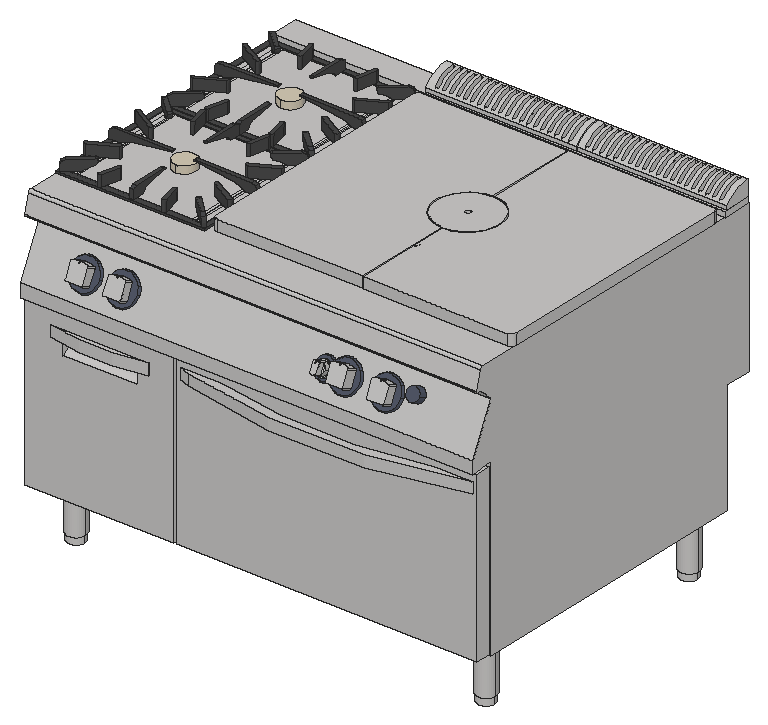
Revit family "QF_ZANUSSI_392021_Z9STGL3010", category Specialty Equipment, Revit 2018
Family settings
  Round Connector Dimension = Use Diameter
  Part Type = Normal
  Work Plane-Based = No
  Always vertical = Yes
  Cut with Voids When Loaded = No
  Shared = No
  Room Calculation Point = No
Parameters
  Width = 1200 mm  # constant formula
  Weight in Pounds = 207  # constant formula
  Weight = 0.00 kg
  Watts = 0 W
  Volts = 0 V
  URL Manufacturer = "http://www.zanussiprofessional.com"
  URL Cutsheet = "www.electrolux.com"
  URL = "http://www.zanussiprofessional.com"
  Type Mark [instance] = ""
  Steam Supply Size = 0"
  Steam Supply Minimum Pressure = 0.00 psi
  Steam Supply Maximum Pressure = 0.00 psi
  Steam Pounds per Hour = 0
  Status [instance] = ""
  Specification by User [instance] = ""
  Specification by Manufacturer = ""
  Show Logo [instance] = yes
  Show Clearance [instance] = yes
  Serial Number = ""
  Seismic Rating = ""
  SMACNA No = ""
  Revision Code [instance] = ""
  Refrigeration Suction Line Size = 0"
  Refrigeration Liquid Line Size = 0"
  Refrigerant Compressor Remote = yes
  Phase = 0
  Omniclass Number and Title = ""
  NAFEM Spec ID Number = ""
  Model = "Z9STGL3010"
  Mechanical Remarks [instance] = ""
  Mechanical Connection Type [instance] = ""
  Masterspec = ""
  Manufacturer = "Zanussi"
  Length Actual = 1200 mm  # constant formula
  Item Number [instance] = "392021"
  Installed By [instance] = ""
  Identify Quantity as Lot [instance] = yes
  Hot Water Size = 0"
  Height Actual = 850 mm  # constant formula
  Height = 909 mm  # constant formula
  HP = "0 HP"
  Gas Size = 12.7 mm  # 1/2"
  Gas RI Height [instance] = 0 mm
  Gas KW [instance] = 35  # constant formula
  Gas Input [instance] = 1.17606 Btu/h
  Gas Connection Height = 0 mm
  Furnished By [instance] = ""
  Foodservice Equipment Identifier [instance] = yes
  Direct Waste Size = 0"
  Description = "GAS SOLID TOP+2 BURNERS+OVEN +CUPB.1200"
  Depth Actual = 900 mm  # constant formula
  Depth = 700 mm  # constant formula
  Cycle = 0 Hz
  Condensate Return Size = 0"
  Compressed Air Volume = 0 GPM
  Compressed Air Size = 0"
  Compressed Air Pressure = 0.00 psi
  Cold Water Size = 0"
  CSI MasterFormat = ""
  CSI Master Format = ""
  Assembly Code = ""
  Accessory = yes
Reference planes
  plane 1 "BACK": y = 0
  plane 2: z = 0
  plane 3 "LEFT": x = 0
  plane 4 "RIGHT": x = 1200
  plane 5 "FRONT": y = -915
  plane 6 "TOP": z = 908
  plane 7 "Center Y": x = 600
  plane 8 "Center X": y = -457.5
  plane 9 "Base": z = 150
  plane 10: z = 850
  plane 11: y = -126
  plane 12: y = -799.871
  plane 13: y = -664
  plane 14: y = -1309
  plane 15: y = -576
  plane 16: x = 1144
  plane 17: x = 56
Forms (mm)
  Revolve 1, solid, material "QF_Finishes_Stainless Steel"
    sketch origin (1, -126, 0) x (1, 0, 0) y (0, 0, 1)
      loop
        line (55, 0) -> (55, 150) -> (29.6, 150) -> (29.6, 19.05) -> (32.1, 19.05) -> (32.1, 0) -> (55, 0)
      axis (55, 0) -> (55, 150)
    angle from 0 to 360
  Revolve 2, solid, material "QF_Finishes_Stainless Steel"
    sketch origin (1, -799.458, 0) x (1, 0, 0) y (0, 0, 1)
      loop
        line (55, 0) -> (55, 150) -> (29.6, 150) -> (29.6, 19.05) -> (32.1, 19.05) -> (32.1, 0) -> (55, 0)
      axis (55, 0) -> (55, 150)
    angle from 0 to 360
  Revolve 3, solid, material "QF_Finishes_Stainless Steel"
    sketch origin (799, -126, 0) x (-1, 0, 0) y (0, 0, -1)
      loop
        line (-345, 0) -> (-367.9, 0) -> (-367.9, -19.05) -> (-370.4, -19.05) -> (-370.4, -150) -> (-345, -150) -> (-345, 0)
      axis (-345, 0) -> (-345, -150)
    angle from 0 to 360
  Revolve 4, solid, material "QF_Finishes_Stainless Steel"
    sketch origin (799, -799.458, 0) x (-1, 0, 0) y (0, 0, -1)
      loop
        line (-345, 0) -> (-367.9, 0) -> (-367.9, -19.05) -> (-370.4, -19.05) -> (-370.4, -150) -> (-345, -150) -> (-345, 0)
      axis (-345, 0) -> (-345, -150)
    angle from 0 to 360
  Extrusion 5, solid, material "QF_Finishes_Stainless Steel"
    sketch origin (0, 0, 0) x (0, 1, 0) y (0, 0, 1)
      loop
        line (0, 450.038) -> (0, 850) -> (-879.358, 850)
        arc (-879.358, 850) -> (-884.643, 847.811) -> (-886.833, 842.526) r 7.474
        line (-886.833, 842.526) -> (-899.884, 797.011)
        arc (-899.884, 797.011) -> (-899.396, 794.379) -> (-897, 793.184) r 3
        line (-897, 793.184) -> (-886.802, 793.184) -> (-854.982, 761.364) -> (-915, 640.508) -> (-915, 605.508) -> (-858.645, 613.428)
        arc (-858.645, 613.428) -> (-856.101, 612.674) -> (-855, 610.259) r 3.2
        line (-855, 610.259) -> (-855, 150) -> (-71.437, 150) -> (-71.437, 450.038) -> (0, 450.038)
      loop
        line (-900, 600) -> (-900, 155) -> (-860, 155) -> (-860, 600) -> (-900, 600)
    from 0 to 1200
  Extrusion 6, solid, material "QF_Finishes_Stainless Steel"
    sketch origin (0, 0, 576.213) x (0, 1, 0) y (0, 0, 1)
      loop
        line (0, 273.787) -> (0, 288.075) -> (-76.2, 288.075) -> (-76.2, 273.787) -> (0, 273.787)
    from 0 to 1200
  Extrusion 7, solid, material "QF_Finishes_Stainless Steel"
    sketch origin (0, -852.093, 150) x (1, 0, 0) y (0, -1, 0)
      loop
        circle (1148, -188.093) r 6.4
    from 0 to 21
  Extrusion 8, solid, material "QF_Clearances", visible <- "Show Clearance", detail levels coarse
    sketch origin (0, -199.871, 0) x (1, 0, 0) y (0, 1, 0)
      loop
        line (-100, -715.129) -> (0, -715.129) -> (0, 199.871) -> (1200, 199.871) -> (1200, -715.129) -> (1300, -715.129) -> (1300, 299.871) -> (-100, 299.871) -> (-100, -715.129)
    from 0 to 909
  Extrusion 9, solid, material "QF_Finishes_Stainless Steel"
    sketch origin (402.6, -199.871, 850.85) x (0, -1, 0) y (1, 0, 0)
      loop
        arc (-99.871, 13.8) -> (-96.151, 4.82) -> (-87.171, 1.1) r 12.7
        line (-87.171, 1.1) -> (568.629, 1.1)
        arc (568.629, 1.1) -> (577.609, 4.82) -> (581.329, 13.8) r 12.7
        line (581.329, 13.8) -> (581.329, 398.413) -> (318.705, 398.413)
        arc (318.705, 398.413) -> (233.15, 314.787) -> (147.75, 398.571) r 85.497
        line (147.75, 398.571) -> (-99.871, 398.571) -> (-99.871, 13.8)
      loop
        arc (581.329, 784.7) -> (577.609, 793.68) -> (568.629, 797.4) r 12.7
        line (568.629, 797.4) -> (-87.171, 797.4)
        arc (-87.171, 797.4) -> (-96.151, 793.68) -> (-99.871, 784.7) r 12.7
        line (-99.871, 784.7) -> (-99.871, 401.528) -> (147.744, 401.528)
        arc (147.744, 401.528) -> (233.47, 485.459) -> (318.722, 401.047) r 85.5
        line (318.722, 401.047) -> (581.329, 401.047) -> (581.329, 784.7)
      loop
        circle (233.23, 400) r 82.6
      loop
        circle (233.23, 400) r 7
    from 0 to 28.575
  Extrusion 10, solid, material "QF_Finishes_Stainless Steel"
    sketch origin (402.6, -199.871, 850.85) x (0, -1, 0) y (1, 0, 0)
      loop
        circle (405, 400) r 7
    from 0 to 26.981
  Extrusion 11, void
    sketch origin (134.989, 0, 865.138) x (-1, 0, 0) y (0, -1, 0)
      loop
        line (-695.005, 6.761) -> (-685.709, 6.761) -> (-685.709, 63.911) -> (-695.005, 63.911) -> (-695.005, 6.761)
      loop
        line (-713.697, 6.761) -> (-704.401, 6.761) -> (-704.401, 63.911) -> (-713.697, 63.911) -> (-713.697, 6.761)
      loop
        line (-732.39, 6.761) -> (-723.094, 6.761) -> (-723.094, 63.911) -> (-732.39, 63.911) -> (-732.39, 6.761)
      loop
        line (-751.082, 6.761) -> (-741.787, 6.761) -> (-741.787, 63.911) -> (-751.082, 63.911) -> (-751.082, 6.761)
      loop
        line (-769.775, 6.761) -> (-760.479, 6.761) -> (-760.479, 63.911) -> (-769.775, 63.911) -> (-769.775, 6.761)
      loop
        line (-788.468, 6.761) -> (-779.172, 6.761) -> (-779.172, 63.911) -> (-788.468, 63.911) -> (-788.468, 6.761)
      loop
        line (-807.16, 6.761) -> (-797.864, 6.761) -> (-797.864, 63.911) -> (-807.16, 63.911) -> (-807.16, 6.761)
      loop
        line (-825.853, 6.761) -> (-816.557, 6.761) -> (-816.557, 63.911) -> (-825.853, 63.911) -> (-825.853, 6.761)
      loop
        line (-844.545, 6.761) -> (-835.25, 6.761) -> (-835.25, 63.911) -> (-844.545, 63.911) -> (-844.545, 6.761)
      loop
        line (-863.238, 6.761) -> (-853.942, 6.761) -> (-853.942, 63.911) -> (-863.238, 63.911) -> (-863.238, 6.761)
      loop
        line (-881.931, 6.761) -> (-872.635, 6.761) -> (-872.635, 63.911) -> (-881.931, 63.911) -> (-881.931, 6.761)
      loop
        line (-900.623, 6.761) -> (-891.328, 6.761) -> (-891.328, 63.911) -> (-900.623, 63.911) -> (-900.623, 6.761)
      loop
        line (-919.316, 6.761) -> (-910.02, 6.761) -> (-910.02, 63.911) -> (-919.316, 63.911) -> (-919.316, 6.761)
      loop
        line (-938.008, 6.761) -> (-928.713, 6.761) -> (-928.713, 63.911) -> (-938.008, 63.911) -> (-938.008, 6.761)
      loop
        line (-956.701, 6.761) -> (-947.405, 6.761) -> (-947.405, 63.911) -> (-956.701, 63.911) -> (-956.701, 6.761)
      loop
        line (-975.394, 6.761) -> (-966.098, 6.761) -> (-966.098, 63.911) -> (-975.394, 63.911) -> (-975.394, 6.761)
      loop
        line (-994.086, 6.761) -> (-984.791, 6.761) -> (-984.791, 63.911) -> (-994.086, 63.911) -> (-994.086, 6.761)
      loop
        line (-1012.779, 6.761) -> (-1003.483, 6.761) -> (-1003.483, 63.911) -> (-1012.779, 63.911) -> (-1012.779, 6.761)
      loop
        line (-1031.472, 6.761) -> (-1022.176, 6.761) -> (-1022.176, 63.911) -> (-1031.472, 63.911) -> (-1031.472, 6.761)
      loop
        line (-1050.164, 6.761) -> (-1040.868, 6.761) -> (-1040.868, 63.911) -> (-1050.164, 63.911) -> (-1050.164, 6.761)
    from 9.525 to 45.348
  Extrusion 12, solid, material "QF_Finishes_Stainless Steel"
    sketch origin (400, 0, 590.5) x (0, 1, 0) y (0, 0, 1)
      loop
        line (0, 273.788) -> (0, 317.5)
        arc (0, 317.5) -> (-39.072, 308.879) -> (-69.85, 283.313) r 84.854
        line (-69.85, 283.313) -> (-69.85, 273.788) -> (0, 273.788)
    from 400 to 800
  Extrusion 13, solid, material "QF_Finishes_Stainless Steel"
    sketch origin (0, -852.093, 150) x (1, 0, 0) y (0, -1, 0)
      loop
        circle (1157, -276.093) r 12.7
    from 0 to 21
  Extrusion 14, void
    sketch origin (-265.011, 0, 865.138) x (-1, 0, 0) y (0, -1, 0)
      loop
        line (-695.005, 6.761) -> (-685.709, 6.761) -> (-685.709, 63.911) -> (-695.005, 63.911) -> (-695.005, 6.761)
      loop
        line (-713.697, 6.761) -> (-704.401, 6.761) -> (-704.401, 63.911) -> (-713.697, 63.911) -> (-713.697, 6.761)
      loop
        line (-732.39, 6.761) -> (-723.094, 6.761) -> (-723.094, 63.911) -> (-732.39, 63.911) -> (-732.39, 6.761)
      loop
        line (-751.082, 6.761) -> (-741.787, 6.761) -> (-741.787, 63.911) -> (-751.082, 63.911) -> (-751.082, 6.761)
      loop
        line (-769.775, 6.761) -> (-760.479, 6.761) -> (-760.479, 63.911) -> (-769.775, 63.911) -> (-769.775, 6.761)
      loop
        line (-788.468, 6.761) -> (-779.172, 6.761) -> (-779.172, 63.911) -> (-788.468, 63.911) -> (-788.468, 6.761)
      loop
        line (-807.16, 6.761) -> (-797.864, 6.761) -> (-797.864, 63.911) -> (-807.16, 63.911) -> (-807.16, 6.761)
      loop
        line (-825.853, 6.761) -> (-816.557, 6.761) -> (-816.557, 63.911) -> (-825.853, 63.911) -> (-825.853, 6.761)
      loop
        line (-844.545, 6.761) -> (-835.25, 6.761) -> (-835.25, 63.911) -> (-844.545, 63.911) -> (-844.545, 6.761)
      loop
        line (-863.238, 6.761) -> (-853.942, 6.761) -> (-853.942, 63.911) -> (-863.238, 63.911) -> (-863.238, 6.761)
      loop
        line (-881.931, 6.761) -> (-872.635, 6.761) -> (-872.635, 63.911) -> (-881.931, 63.911) -> (-881.931, 6.761)
      loop
        line (-900.623, 6.761) -> (-891.328, 6.761) -> (-891.328, 63.911) -> (-900.623, 63.911) -> (-900.623, 6.761)
      loop
        line (-919.316, 6.761) -> (-910.02, 6.761) -> (-910.02, 63.911) -> (-919.316, 63.911) -> (-919.316, 6.761)
      loop
        line (-938.008, 6.761) -> (-928.713, 6.761) -> (-928.713, 63.911) -> (-938.008, 63.911) -> (-938.008, 6.761)
      loop
        line (-956.701, 6.761) -> (-947.405, 6.761) -> (-947.405, 63.911) -> (-956.701, 63.911) -> (-956.701, 6.761)
      loop
        line (-975.394, 6.761) -> (-966.098, 6.761) -> (-966.098, 63.911) -> (-975.394, 63.911) -> (-975.394, 6.761)
      loop
        line (-994.086, 6.761) -> (-984.791, 6.761) -> (-984.791, 63.911) -> (-994.086, 63.911) -> (-994.086, 6.761)
      loop
        line (-1012.779, 6.761) -> (-1003.483, 6.761) -> (-1003.483, 63.911) -> (-1012.779, 63.911) -> (-1012.779, 6.761)
      loop
        line (-1031.472, 6.761) -> (-1022.176, 6.761) -> (-1022.176, 63.911) -> (-1031.472, 63.911) -> (-1031.472, 6.761)
      loop
        line (-1050.164, 6.761) -> (-1040.868, 6.761) -> (-1040.868, 63.911) -> (-1050.164, 63.911) -> (-1050.164, 6.761)
    from 9.525 to 45.348
  Extrusion 15, solid, material "QF_Finishes_Stainless Steel"
    sketch origin (0, 0, 590.5) x (0, 1, 0) y (0, 0, 1)
      loop
        line (0, 273.788) -> (0, 317.5)
        arc (0, 317.5) -> (-39.072, 308.879) -> (-69.85, 283.313) r 84.854
        line (-69.85, 283.313) -> (-69.85, 273.788) -> (0, 273.788)
    from 400 to 800
  Blend 16, solid, material "QF_Finishes_Navy Blue"
    base sketch origin (840.5, -884.991, 700.936) x (1, 0, 0) y (0, 0.444781, 0.895639)
      loop
        arc (-35.05, -24.037) -> (42.5, 0) -> (-35.05, 24.037) r 42.5
        arc (-35.05, 24.037) -> (-83, 0) -> (-35.05, -24.037) r 30
    top sketch origin (840.5, -884.991, 700.936) x (1, 0, 0) y (0, 0.444781, 0.895639)
      loop
        arc (-34.578, -21.086) -> (40.5, 0) -> (-34.578, 21.086) r 40.5
        arc (-34.578, 21.086) -> (-81, 0) -> (-34.578, -21.086) r 28
    from 0 to 5
  Extrusion 17, solid, material "QF_Finishes_Stainless Steel"
    sketch origin (608, -884.991, 700.936) x (1, 0, 0) y (0, 0.444781, 0.895639)
      loop
        circle (177.499, -0.341) r 20
    from 5 to 10
  Extrusion 18, solid, material "QF_Finishes_Stainless Steel"
    sketch origin (608, -884.991, 700.936) x (1, 0, 0) y (0, 0.444781, 0.895639)
      loop
        arc (211.353, 22.789) -> (210.006, 21.685) -> (209.5, 20.019) r 2.997
        line (209.5, 20.019) -> (209.5, -20.019)
        arc (209.5, -20.019) -> (210.378, -22.138) -> (212.497, -23.016) r 2.997
        line (212.497, -23.016) -> (252.503, -23.016)
        arc (252.503, -23.016) -> (254.622, -22.138) -> (255.5, -20.019) r 2.997
        line (255.5, -20.019) -> (255.5, 20.019)
        arc (255.5, 20.019) -> (254.994, 21.685) -> (253.647, 22.789) r 2.997
        arc (253.647, 22.789) -> (232.5, 26.984) -> (211.353, 22.789) r 55.4
    from 5 to 34
  Extrusion 19, solid, material "QF_Finishes_Stainless Steel"
    sketch origin (608, -884.991, 700.936) x (1, 0, 0) y (0, 0.444781, 0.895639)
      loop
        circle (177.499, -0.341) r 16
    from 10 to 40
  Extrusion 20, void
    sketch origin (840.5, -884.991, 700.936) x (1, 0, 0) y (0, -0.895639, 0.444781)
      loop
        line (-62.999, 24.837) -> (-62.999, 40) -> (-71.893, 40) -> (-71.893, 22) -> (-65.835, 22)
        arc (-65.835, 22) -> (-63.827, 22.828) -> (-62.999, 24.837) r 2.827
      loop
        arc (-47.003, 24.837) -> (-46.175, 22.828) -> (-44.167, 22) r 2.827
        line (-44.167, 22) -> (-38.109, 22) -> (-38.109, 40) -> (-47.003, 40) -> (-47.003, 24.837)
    from -20.019 to 20.019
  Extrusion 21, solid, material "QF_Plastic-Black-Matte"
    sketch origin (898, -884.991, 700.936) x (0, 0.444781, 0.895639) y (0, -0.895639, 0.444781)
      loop
        line (26.984, 34) -> (26.984, 19) -> (27.984, 19) -> (27.984, 34)
        arc (27.984, 34) -> (27.691, 34.707) -> (26.984, 35) r 1
        line (26.984, 35) -> (23.984, 35) -> (23.984, 34) -> (26.984, 34)
    from -58.5 to -56.5
  Extrusion 22, solid, material "QF_Plastic-Black-Matte"
    sketch origin (785.499, -1018.425, 432.244) x (0, -0.444781, -0.895639) y (0, -0.895639, 0.444781)
      loop
        line (-310.284, 39.984) -> (-310.284, 40.984) -> (-312.9, 40.984)
        arc (-312.9, 40.984) -> (-315.562, 39.882) -> (-316.664, 37.22) r 3.764
        line (-316.664, 37.22) -> (-316.664, 25.027) -> (-315.664, 25.027) -> (-315.664, 37.22)
        arc (-315.664, 37.22) -> (-314.855, 39.175) -> (-312.9, 39.984) r 2.764
        line (-312.9, 39.984) -> (-310.284, 39.984)
    from 1 to -1
  Blend 23, solid, material "QF_Finishes_Navy Blue"
    base sketch origin (950, -884.991, 700.936) x (1, 0, 0) y (0, 0.444781, 0.895639)
      loop
        circle (0, 0) r 42.5
    top sketch origin (950, -884.991, 700.936) x (1, 0, 0) y (0, 0.444781, 0.895639)
      loop
        circle (0, 0) r 40.5
    from 0 to 5
  Extrusion 24, solid, material "QF_Finishes_Stainless Steel"
    sketch origin (950, -884.991, 700.936) x (1, 0, 0) y (0, 0.444781, 0.895639)
      loop
        arc (-21.147, 22.789) -> (-22.494, 21.685) -> (-23, 20.019) r 2.997
        line (-23, 20.019) -> (-23, -20.019)
        arc (-23, -20.019) -> (-22.122, -22.138) -> (-20.003, -23.016) r 2.997
        line (-20.003, -23.016) -> (20.003, -23.016)
        arc (20.003, -23.016) -> (22.122, -22.138) -> (23, -20.019) r 2.997
        line (23, -20.019) -> (23, 20.019)
        arc (23, 20.019) -> (22.494, 21.685) -> (21.147, 22.789) r 2.997
        arc (21.147, 22.789) -> (0, 26.984) -> (-21.147, 22.789) r 55.4
    from 10 to 34
  Extrusion 25, solid, material "QF_Finishes_Stainless Steel"
    sketch origin (950, -884.991, 700.936) x (1, 0, 0) y (0, 0.444781, 0.895639)
      loop
        line (17.5, 17.5) -> (-17.5, 17.5) -> (-17.5, -17.5) -> (17.5, -17.5) -> (17.5, 17.5)
    from 5 to 10
  Extrusion 26, solid, material "QF_Plastic-Black-Matte"
    sketch origin (892.5, -884.991, 700.936) x (0, 0.444781, 0.895639) y (0, 0.895639, -0.444781)
      loop
        line (26.984, -34) -> (23.984, -34) -> (23.984, -35) -> (26.984, -35)
        arc (26.984, -35) -> (27.691, -34.707) -> (27.984, -34) r 1
        line (27.984, -34) -> (27.984, -19) -> (26.984, -19) -> (26.984, -34)
    from -58.5 to -56.5
  Extrusion 27, solid, material "QF_Finishes_Navy Blue"
    sketch origin (1082.974, -876.095, 718.849) x (1, 0, 0) y (0, 0.444781, 0.895639)
      loop
        circle (-55.001, 0) r 18
    from 3 to 23
  Extrusion 28, solid, material "QF_Finishes_Stainless Steel"
    sketch origin (943.973, -876.095, 718.849) x (1, 0, 0) y (0, 0.444781, 0.895639)
      loop
        circle (84, 0) r 15
    from 3 to 0
  Extrusion 29, solid, material "QF_Finishes_Door Clearance", visible <- "Show Clearance", detail levels coarse
    sketch origin (400, -200, 0) x (0, 1, 0) y (0, 0, 1)
      loop
        arc (-700, 600) -> (-991.621, 457.58) -> (-1108.972, 155) r 445
        line (-1108.972, 155) -> (-700, 155) -> (-700, 600)
    from 2.5 to 800
  Extrusion 30, solid, material "QF_Finishes_Stainless Steel"
    sketch origin (400, -200, 150) x (-1, 0, 0) y (0, -1, 0)
      loop
        line (-790, 700) -> (-696.395, 700)
        arc (-696.395, 700) -> (-400, 735) -> (-103.605, 700) r 1272.5
        line (-103.605, 700) -> (-10, 700)
        arc (-10, 700) -> (-27.217, 705.295) -> (-44.506, 710.35) r 1297.5
        arc (-44.506, 710.35) -> (-418.013, 759.875) -> (-790, 700) r 1297.5
    from 400 to 430
  Blend 31, solid, material "QF_Finishes_Navy Blue"
    base sketch origin (150, -884.991, 700.936) x (1, 0, 0) y (0, 0.444781, 0.895639)
      loop
        circle (0, 0) r 42.5
    top sketch origin (150, -884.991, 700.936) x (1, 0, 0) y (0, 0.444781, 0.895639)
      loop
        circle (0, 0) r 40.5
    from 0 to 5
  Extrusion 32, solid, material "QF_Finishes_Stainless Steel"
    sketch origin (150, -884.991, 700.936) x (1, 0, 0) y (0, 0.444781, 0.895639)
      loop
        arc (-21.147, 22.789) -> (-22.494, 21.685) -> (-23, 20.019) r 2.997
        line (-23, 20.019) -> (-23, -20.019)
        arc (-23, -20.019) -> (-22.122, -22.138) -> (-20.003, -23.016) r 2.997
        line (-20.003, -23.016) -> (20.003, -23.016)
        arc (20.003, -23.016) -> (22.122, -22.138) -> (23, -20.019) r 2.997
        line (23, -20.019) -> (23, 20.019)
        arc (23, 20.019) -> (22.494, 21.685) -> (21.147, 22.789) r 2.997
        arc (21.147, 22.789) -> (0, 26.984) -> (-21.147, 22.789) r 55.4
    from 10 to 34
  Extrusion 33, solid, material "QF_Plastic-Black-Matte"
    sketch origin (207.5, -884.991, 700.936) x (0, 0.444781, 0.895639) y (0, -0.895639, 0.444781)
      loop
        line (26.984, 34) -> (26.984, 19) -> (27.984, 19) -> (27.984, 34)
        arc (27.984, 34) -> (27.691, 34.707) -> (26.984, 35) r 1
        line (26.984, 35) -> (23.984, 35) -> (23.984, 34) -> (26.984, 34)
    from -58.5 to -56.5
  Extrusion 34, solid, material "QF_Finishes_Stainless Steel"
    sketch origin (150, -884.991, 700.936) x (1, 0, 0) y (0, 0.444781, 0.895639)
      loop
        line (17.5, 17.5) -> (-17.5, 17.5) -> (-17.5, -17.5) -> (17.5, -17.5) -> (17.5, 17.5)
    from 5 to 10
  Extrusion 35, solid, material "QF_Plastic-Black-Matte"
    sketch origin (192.5, -884.991, 700.936) x (0, 0.444781, 0.895639) y (0, 0.895639, -0.444781)
      loop
        line (26.984, -34) -> (23.984, -34) -> (23.984, -35) -> (26.984, -35)
        arc (26.984, -35) -> (27.691, -34.707) -> (27.984, -34) r 1
        line (27.984, -34) -> (27.984, -19) -> (26.984, -19) -> (26.984, -34)
    from -58.5 to -56.5
  Extrusion 36, solid, material "QF_Finishes_Stainless Steel"
    sketch origin (250, -884.991, 700.936) x (-1, 0, 0) y (0, -0.444781, -0.895639)
      loop
        line (17.5, -17.5) -> (17.5, 17.5) -> (-17.5, 17.5) -> (-17.5, -17.5) -> (17.5, -17.5)
    from 5 to 10
  Blend 37, solid, material "QF_Finishes_Navy Blue"
    base sketch origin (250, -884.991, 700.936) x (1, 0, 0) y (0, 0.444781, 0.895639)
      loop
        circle (0, 0) r 42.5
    top sketch origin (250, -884.991, 700.936) x (1, 0, 0) y (0, 0.444781, 0.895639)
      loop
        circle (0, 0) r 40.5
    from 0 to 5
  Extrusion 38, solid, material "QF_Finishes_Stainless Steel"
    sketch origin (250, -884.991, 700.936) x (-1, 0, 0) y (0, -0.444781, -0.895639)
      loop
        arc (-21.147, -22.789) -> (0, -26.984) -> (21.147, -22.789) r 55.4
        arc (21.147, -22.789) -> (22.494, -21.685) -> (23, -20.019) r 2.997
        line (23, -20.019) -> (23, 20.019)
        arc (23, 20.019) -> (22.122, 22.138) -> (20.003, 23.016) r 2.997
        line (20.003, 23.016) -> (-20.003, 23.016)
        arc (-20.003, 23.016) -> (-22.122, 22.138) -> (-23, 20.019) r 2.997
        line (-23, 20.019) -> (-23, -20.019)
        arc (-23, -20.019) -> (-22.494, -21.685) -> (-21.147, -22.789) r 2.997
    from 10 to 34
  Extrusion 39, solid, material "QF_Finishes_Stainless Steel"
    sketch origin (-77.88, -4772, 130) x (-1, 0, 0) y (0, -1, 0)
      loop
        arc (-147.606, -3871.085) -> (-277.88, -3857) -> (-408.153, -3871.085) r 609.497
        line (-408.153, -3871.085) -> (-408.153, -3872) -> (-147.606, -3872) -> (-147.606, -3871.085)
    from 400 to 430
  Extrusion 40, void
    sketch origin (200, -227.863, -20) x (0, 1, 0) y (0, 0, 1)
      loop
        line (-672.137, 567) -> (-672.137, 517)
        arc (-672.137, 517) -> (-656.47, 524.721) -> (-650.137, 541) r 24.091
        line (-650.137, 541) -> (-650.137, 567) -> (-672.137, 567)
    from -100 to 100
  Extrusion 41, solid, material "QF_Finishes_Door Clearance", visible <- "Show Clearance", detail levels coarse
    sketch origin (397.5, -200, 850) x (1, 0, 0) y (0, 1, 0)
      loop
        line (-0.084, -672.137) -> (-397.5, -672.137) -> (-397.5, -1072.121)
        arc (-397.5, -1072.121) -> (-116.329, -954.063) -> (-0.084, -672.137) r 399.992
    from -695 to -250
  Extrusion 42, void
    sketch origin (397.5, -915, 0) x (-1, 0, 0) y (0, 0, -1)
      loop
        line (-5, -600) -> (1.055, -600) -> (1.055, -155) -> (-5, -155) -> (-5, -600)
    from -55 to -15
Cuts and joins
  Extrusion 11, Extrusion 14 cuts Extrusion 12
  Extrusion 14 cuts Extrusion 15
  Extrusion 20 cuts Extrusion 19
  Extrusion 40, Extrusion 42 cuts Extrusion 5
  Extrusion 42 cuts Extrusion 41
Lines and regions (mm)
  Split face 1
    outline origin (840.5, -889.469, 703.16) x (1, 0, 0) y (0, 0.444781, 0.895639)
      loop
        circle (0, 33) r 1
  Split face 2
    outline origin (840.5, -889.469, 703.16) x (1, 0, 0) y (0, 0.444781, 0.895639)
      loop
        circle (-8.541, 31.876) r 1
  Split face 3
    outline origin (840.5, -889.469, 703.16) x (1, 0, 0) y (0, 0.444781, 0.895639)
      loop
        circle (-16.5, 28.579) r 1
  Split face 4
    outline origin (840.5, -889.469, 703.16) x (1, 0, 0) y (0, 0.444781, 0.895639)
      loop
        circle (-23.335, 23.335) r 1
  Split face 5
    outline origin (840.5, -889.469, 703.16) x (1, 0, 0) y (0, 0.444781, 0.895639)
      loop
        circle (-28.579, 16.5) r 1
  Split face 6
    outline origin (840.5, -889.469, 703.16) x (1, 0, 0) y (0, 0.444781, 0.895639)
      loop
        circle (-31.876, 8.541) r 1
  Split face 7
    outline origin (840.5, -889.469, 703.16) x (1, 0, 0) y (0, 0.444781, 0.895639)
      loop
        circle (-33, 0) r 1
  Split face 8
    outline origin (840.5, -889.469, 703.16) x (-1, 0, 0) y (0, 0.444781, 0.895639)
      loop
        circle (-8.541, 31.876) r 1
  Split face 9
    outline origin (840.5, -889.469, 703.16) x (-1, 0, 0) y (0, 0.444781, 0.895639)
      loop
        circle (-16.5, 28.579) r 1
  Split face 10
    outline origin (840.5, -889.469, 703.16) x (-1, 0, 0) y (0, 0.444781, 0.895639)
      loop
        circle (-23.335, 23.335) r 1
  Split face 11
    outline origin (840.5, -889.469, 703.16) x (-1, 0, 0) y (0, 0.444781, 0.895639)
      loop
        circle (-28.579, 16.5) r 1
  Split face 12
    outline origin (840.5, -889.469, 703.16) x (-1, 0, 0) y (0, 0.444781, 0.895639)
      loop
        circle (-31.876, 8.541) r 1
  Split face 13
    outline origin (840.5, -889.469, 703.16) x (1, 0, 0) y (0, -0.444781, -0.895639)
      loop
        circle (0, 33) r 1
  Split face 14
    outline origin (840.5, -889.469, 703.16) x (1, 0, 0) y (0, -0.444781, -0.895639)
      loop
        circle (-8.541, 31.876) r 1
  Split face 15
    outline origin (840.5, -889.469, 703.16) x (1, 0, 0) y (0, -0.444781, -0.895639)
      loop
        circle (-16.5, 28.579) r 1
  Split face 16
    outline origin (840.5, -889.469, 703.16) x (1, 0, 0) y (0, -0.444781, -0.895639)
      loop
        circle (-23.335, 23.335) r 1
  Split face 17
    outline origin (840.5, -889.469, 703.16) x (1, 0, 0) y (0, -0.444781, -0.895639)
      loop
        circle (-28.579, 16.5) r 1
  Split face 18
    outline origin (840.5, -889.469, 703.16) x (1, 0, 0) y (0, -0.444781, -0.895639)
      loop
        circle (-31.876, 8.541) r 1
  Split face 19
    outline origin (840.5, -889.469, 703.16) x (-1, 0, 0) y (0, -0.444781, -0.895639)
      loop
        circle (-8.541, 31.876) r 1
  Split face 20
    outline origin (840.5, -889.469, 703.16) x (-1, 0, 0) y (0, -0.444781, -0.895639)
      loop
        circle (-16.5, 28.579) r 1
  Split face 21
    outline origin (840.5, -889.469, 703.16) x (-1, 0, 0) y (0, -0.444781, -0.895639)
      loop
        circle (-23.335, 23.335) r 1
  Split face 22
    outline origin (840.5, -889.469, 703.16) x (-1, 0, 0) y (0, -0.444781, -0.895639)
      loop
        circle (-28.579, 16.5) r 1
  Split face 23
    outline origin (840.5, -889.469, 703.16) x (-1, 0, 0) y (0, -0.444781, -0.895639)
      loop
        circle (-31.876, 8.541) r 1
  Split face 24
    outline origin (840.5, -889.469, 703.16) x (1, 0, 0) y (0, 0.444781, 0.895639)
      loop
        circle (33, 0) r 1
  Split face 25
    outline origin (840.5, -889.469, 703.16) x (1, 0, 0) y (0, 0.444781, 0.895639)
      loop
        circle (-55.001, 22) r 1.508
  Split face 26
    outline origin (841.626, -885.216, 711.725) x (1, 0, 0) y (0, 0.444781, 0.895639)
      loop
        circle (-77.001, 0) r 1.343
  Split face 27
    outline origin (840.5, -889.469, 703.16) x (1, 0, 0) y (0, 0.444781, 0.895639)
      loop
        line (-56.273, -20.786) -> (-56.273, -25.164) -> (-53.729, -25.164) -> (-53.729, -20.786) -> (-56.273, -20.786)
  Split face 28
    outline origin (840.5, -889.469, 703.16) x (1, 0, 0) y (0, 0.444781, 0.895639)
      loop
        line (-70.261, 16.732) -> (-67.433, 19.559) -> (-71.077, 17.548) -> (-70.261, 16.732)
  Split face 29
    outline origin (950, -889.469, 703.16) x (1, 0, 0) y (0, 0.444781, 0.895639)
      loop
        circle (-30.633, -14.752) r 1.5
  Split face 30
    outline origin (950, -889.469, 703.16) x (1, 0, 0) y (0, 0.444781, 0.895639)
      loop
        circle (-21.199, -26.582) r 1.5
  Split face 31
    outline origin (950, -889.469, 703.16) x (1, 0, 0) y (0, 0.444781, 0.895639)
      loop
        circle (-7.566, -33.148) r 1.5
  Split face 32
    outline origin (950, -889.469, 703.16) x (1, 0, 0) y (0, 0.444781, 0.895639)
      loop
        circle (7.566, -33.148) r 1.5
  Split face 33
    outline origin (950, -889.469, 703.16) x (1, 0, 0) y (0, 0.444781, 0.895639)
      loop
        circle (21.199, -26.582) r 1.5
  Split face 34
    outline origin (950, -889.469, 703.16) x (1, 0, 0) y (0, 0.444781, 0.895639)
      loop
        circle (30.633, -14.752) r 1.5
  Split face 35
    outline origin (950, -889.469, 703.16) x (1, 0, 0) y (0, 0.444781, 0.895639)
      loop
        circle (34, 0) r 1.5
  Split face 36
    outline origin (950, -889.469, 703.16) x (1, 0, 0) y (0, 0.444781, 0.895639)
      loop
        circle (-21.199, 26.582) r 2.5
  Split face 37
    outline origin (950, -889.469, 703.16) x (1, 0, 0) y (0, 0.444781, 0.895639)
      loop
        circle (0, 35.811) r 2.031
  Split face 38
    outline origin (950, -889.469, 703.16) x (1, 0, 0) y (0, -0.444781, -0.895639)
      loop
        circle (30.633, -14.752) r 1.5
  Split face 39
    outline origin (950, -889.469, 703.16) x (1, 0, 0) y (0, -0.444781, -0.895639)
      loop
        circle (21.199, -26.582) r 1.5
  Split face 40
    outline origin (150, -889.469, 703.16) x (1, 0, 0) y (0, 0.444781, 0.895639)
      loop
        circle (-33, 0) r 3
  Split face 41
    outline origin (255.901, -889.469, 703.16) x (1, 0, 0) y (0, 0.444781, 0.895639)
      loop
        line (-8.901, 38.561) -> (-8.901, 28.561) -> (-2.901, 28.561) -> (-2.901, 38.561) -> (-8.901, 38.561)
  Split face 42
    outline origin (255.901, -889.469, 703.16) x (1, 0, 0) y (0, 0.444781, 0.895639)
      loop
        line (-8.401, 38.061) -> (-8.401, 29.061) -> (-3.401, 29.061) -> (-3.401, 38.061) -> (-8.401, 38.061)
  Split face 43
    outline origin (255.901, -889.469, 703.16) x (1, 0, 0) y (0, 0.444781, 0.895639)
      loop
        line (-8.401, 33.561) -> (-3.401, 33.561)
  Split face 44
    outline origin (255.901, -889.469, 703.16) x (1, 0, 0) y (0, 0.444781, 0.895639)
      loop
        line (-8.401, 33.061) -> (-3.401, 33.061)
  Split face 45
    outline origin (155.901, -889.469, 703.16) x (1, 0, 0) y (0, 0.444781, 0.895639)
      loop
        line (-8.901, 38.561) -> (-8.901, 28.561) -> (-2.901, 28.561) -> (-2.901, 38.561) -> (-8.901, 38.561)
  Split face 46
    outline origin (155.901, -889.469, 703.16) x (1, 0, 0) y (0, 0.444781, 0.895639)
      loop
        line (-8.401, 38.061) -> (-8.401, 29.061) -> (-3.401, 29.061) -> (-3.401, 38.061) -> (-8.401, 38.061)
  Split face 47
    outline origin (155.901, -889.469, 703.16) x (1, 0, 0) y (0, 0.444781, 0.895639)
      loop
        line (-8.401, 34.061) -> (-3.401, 34.061)
  Split face 48
    outline origin (155.901, -889.469, 703.16) x (1, 0, 0) y (0, 0.444781, 0.895639)
      loop
        line (-8.401, 33.561) -> (-3.401, 33.561)
  Split face 49
    outline origin (175.657, -875.159, 731.975) x (-1, 0, 0) y (0, -0.444781, -0.895639)
      loop
        circle (43.456, 61.543) r 1.5
  Split face 50
    outline origin (155.901, -889.469, 703.16) x (1, 0, 0) y (0, 0.444781, 0.895639)
      loop
        circle (-5.901, 31.311) r 2.029
  Split face 51
    outline origin (255.901, -889.469, 703.16) x (1, 0, 0) y (0, 0.444781, 0.895639)
      loop
        circle (-5.901, 35.811) r 2.031
  Split face 52
    outline origin (150, -889.469, 703.16) x (1, 0, 0) y (0, 0.444781, 0.895639)
      loop
        circle (-24.487, 26.694) r 3.497
  Split face 53
    outline origin (250, -889.469, 703.16) x (1, 0, 0) y (0, 0.444781, 0.895639)
      loop
        circle (-24.487, 26.694) r 3.497
  Split face 54
    outline origin (250, -889.469, 703.16) x (1, 0, 0) y (0, 0.444781, 0.895639)
      loop
        circle (-33, 0) r 3
  Split face 55
    outline origin (250, -889.469, 703.16) x (1, 0, 0) y (0, 0.444781, 0.895639)
      loop
        circle (-17.8, -29.371) r 1.5
  symbolic lines, style "QF_Door-Drawer Clearances"
    curve 1: line (402.5, -1308.972, 150) -> (1200, -1308.972, 150)
    curve 2: line (1200, -1308.972, 150) -> (1200, -915, 150)
  symbolic lines
    curve 3: line (0, 0, 150) -> (0, -915, 150)
    curve 4: line (0, -69.85, 150) -> (1200, -69.85, 150)
    curve 5: line (0, -76.2, 150) -> (1200, -76.2, 150)
    curve 6: line (1200, -915, 150) -> (1200, 0, 150)
    curve 7: line (0, 0, 150) -> (1200, 0, 150)
    curve 11: line (829.994, -6.761, 150) -> (829.994, -63.911, 150)
    curve 12: line (829.994, -63.911, 150) -> (820.698, -63.911, 150)
    curve 13: line (820.698, -63.911, 150) -> (820.698, -6.761, 150)
    curve 14: line (820.698, -6.761, 150) -> (829.994, -6.761, 150)
    curve 15: line (1035.612, -6.761, 150) -> (1035.612, -63.911, 150)
    curve 16: line (1035.612, -63.911, 150) -> (1026.317, -63.911, 150)
    curve 17: line (1026.317, -63.911, 150) -> (1026.317, -6.761, 150)
    curve 18: line (1026.317, -6.761, 150) -> (1035.612, -6.761, 150)
    curve 19: line (1016.92, -6.761, 150) -> (1016.92, -63.911, 150)
    curve 20: line (1016.92, -63.911, 150) -> (1007.624, -63.911, 150)
    curve 21: line (1007.624, -63.911, 150) -> (1007.624, -6.761, 150)
    curve 22: line (1007.624, -6.761, 150) -> (1016.92, -6.761, 150)
    curve 23: line (998.227, -6.761, 150) -> (998.227, -63.911, 150)
    curve 24: line (998.227, -63.911, 150) -> (988.931, -63.911, 150)
    curve 25: line (988.931, -63.911, 150) -> (988.931, -6.761, 150)
    curve 26: line (988.931, -6.761, 150) -> (998.227, -6.761, 150)
    curve 27: line (979.534, -6.761, 150) -> (979.534, -63.911, 150)
    curve 28: line (979.534, -63.911, 150) -> (970.239, -63.911, 150)
    curve 29: line (970.239, -63.911, 150) -> (970.239, -6.761, 150)
    curve 30: line (970.239, -6.761, 150) -> (979.534, -6.761, 150)
    curve 31: line (960.842, -6.761, 150) -> (960.842, -63.911, 150)
    curve 32: line (960.842, -63.911, 150) -> (951.546, -63.911, 150)
    curve 33: line (951.546, -63.911, 150) -> (951.546, -6.761, 150)
    curve 34: line (951.546, -6.761, 150) -> (960.842, -6.761, 150)
    curve 35: line (942.149, -6.761, 150) -> (942.149, -63.911, 150)
    curve 36: line (942.149, -63.911, 150) -> (932.854, -63.911, 150)
    curve 37: line (932.854, -63.911, 150) -> (932.854, -6.761, 150)
    curve 38: line (932.854, -6.761, 150) -> (942.149, -6.761, 150)
    curve 39: line (923.457, -6.761, 150) -> (923.457, -63.911, 150)
    curve 40: line (923.457, -63.911, 150) -> (914.161, -63.911, 150)
    curve 41: line (914.161, -63.911, 150) -> (914.161, -6.761, 150)
    curve 42: line (914.161, -6.761, 150) -> (923.457, -6.761, 150)
    curve 43: line (904.764, -6.761, 150) -> (904.764, -63.911, 150)
    curve 44: line (904.764, -63.911, 150) -> (895.468, -63.911, 150)
    curve 45: line (895.468, -63.911, 150) -> (895.468, -6.761, 150)
    curve 46: line (895.468, -6.761, 150) -> (904.764, -6.761, 150)
    curve 47: line (886.071, -6.761, 150) -> (886.071, -63.911, 150)
    curve 48: line (886.071, -63.911, 150) -> (876.776, -63.911, 150)
    curve 49: line (876.776, -63.911, 150) -> (876.776, -6.761, 150)
    curve 50: line (876.776, -6.761, 150) -> (886.071, -6.761, 150)
    curve 51: line (867.379, -6.761, 150) -> (867.379, -63.911, 150)
    curve 52: line (867.379, -63.911, 150) -> (858.083, -63.911, 150)
    curve 53: line (858.083, -63.911, 150) -> (858.083, -6.761, 150)
    curve 54: line (858.083, -6.761, 150) -> (867.379, -6.761, 150)
    curve 55: line (848.686, -6.761, 150) -> (848.686, -63.911, 150)
    curve 56: line (848.686, -63.911, 150) -> (839.39, -63.911, 150)
    curve 57: line (839.39, -63.911, 150) -> (839.39, -6.761, 150)
    curve 58: line (839.39, -6.761, 150) -> (848.686, -6.761, 150)
    curve 59: line (1185.153, -6.761, 150) -> (1185.153, -63.911, 150)
    curve 60: line (1185.153, -63.911, 150) -> (1175.857, -63.911, 150)
    curve 61: line (1175.857, -63.911, 150) -> (1175.857, -6.761, 150)
    curve 62: line (1175.857, -6.761, 150) -> (1185.153, -6.761, 150)
    curve 63: line (1166.461, -6.761, 150) -> (1166.461, -63.911, 150)
    curve 64: line (1166.461, -63.911, 150) -> (1157.165, -63.911, 150)
    curve 65: line (1157.165, -63.911, 150) -> (1157.165, -6.761, 150)
    curve 66: line (1157.165, -6.761, 150) -> (1166.461, -6.761, 150)
    curve 67: line (1147.768, -6.761, 150) -> (1147.768, -63.911, 150)
    curve 68: line (1147.768, -63.911, 150) -> (1138.472, -63.911, 150)
    curve 69: line (1138.472, -63.911, 150) -> (1138.472, -6.761, 150)
    curve 70: line (1138.472, -6.761, 150) -> (1147.768, -6.761, 150)
    curve 71: line (1129.075, -6.761, 150) -> (1129.075, -63.911, 150)
    curve 72: line (1129.075, -63.911, 150) -> (1119.78, -63.911, 150)
    curve 73: line (1119.78, -63.911, 150) -> (1119.78, -6.761, 150)
    curve 74: line (1119.78, -6.761, 150) -> (1129.075, -6.761, 150)
    curve 75: line (1110.383, -6.761, 150) -> (1110.383, -63.911, 150)
    curve 76: line (1110.383, -63.911, 150) -> (1101.087, -63.911, 150)
    curve 77: line (1101.087, -63.911, 150) -> (1101.087, -6.761, 150)
    curve 78: line (1101.087, -6.761, 150) -> (1110.383, -6.761, 150)
    curve 79: line (1091.69, -6.761, 150) -> (1091.69, -63.911, 150)
    curve 80: line (1091.69, -63.911, 150) -> (1082.394, -63.911, 150)
    curve 81: line (1082.394, -63.911, 150) -> (1082.394, -6.761, 150)
    curve 82: line (1082.394, -6.761, 150) -> (1091.69, -6.761, 150)
    curve 83: line (1072.998, -6.761, 150) -> (1072.998, -63.911, 150)
    curve 84: line (1072.998, -63.911, 150) -> (1063.702, -63.911, 150)
    curve 85: line (1063.702, -63.911, 150) -> (1063.702, -6.761, 150)
    curve 86: line (1063.702, -6.761, 150) -> (1072.998, -6.761, 150)
    curve 87: line (1054.305, -6.761, 150) -> (1054.305, -63.911, 150)
    curve 88: line (1054.305, -63.911, 150) -> (1045.009, -63.911, 150)
    curve 89: line (1045.009, -63.911, 150) -> (1045.009, -6.761, 150)
    curve 90: line (1045.009, -6.761, 150) -> (1054.305, -6.761, 150)
    curve 91: line (800, -69.85, 150) -> (800, 0, 150)
    curve 92: line (801.171, -100, 150) -> (416.4, -100, 150)
    curve 93: arc (416.4, -100, 150) -> (407.42, -103.72, 150) -> (403.7, -112.7, 150) r 12.7
    curve 94: line (403.7, -112.7, 150) -> (403.7, -768.5, 150)
    curve 95: arc (403.7, -768.5, 150) -> (407.42, -777.48, 150) -> (416.4, -781.2, 150) r 12.7
    curve 96: line (416.4, -781.2, 150) -> (801.013, -781.2, 150)
    curve 97: line (801.013, -781.2, 150) -> (801.013, -518.576, 150)
    curve 98: arc (801.013, -518.576, 150) -> (717.387, -433.021, 150) -> (801.171, -347.621, 150) r 85.497
    curve 99: line (801.171, -347.621, 150) -> (801.171, -100, 150)
    curve 100: line (1187.3, -100, 150) -> (804.128, -100, 150)
    curve 101: line (804.128, -100, 150) -> (804.128, -347.614, 150)
    curve 102: arc (804.128, -347.614, 150) -> (888.059, -433.341, 150) -> (803.647, -518.593, 150) r 85.5
    curve 103: line (803.647, -518.593, 150) -> (803.647, -781.2, 150)
    curve 104: line (803.647, -781.2, 150) -> (1187.3, -781.2, 150)
    curve 105: arc (1187.3, -781.2, 150) -> (1196.28, -777.48, 150) -> (1200, -768.5, 150) r 12.7
    curve 106: arc (1200, -112.7, 150) -> (1196.28, -103.72, 150) -> (1187.3, -100, 150) r 12.7
    curve 107: arc (802.6, -350.501, 150) -> (720, -433.101, 150) -> (802.6, -515.701, 150) r 82.6
    curve 108: arc (802.6, -515.701, 150) -> (885.2, -433.101, 150) -> (802.6, -350.501, 150) r 82.6
    curve 109: arc (802.6, -426.101, 150) -> (809.6, -433.101, 150) -> (802.6, -440.101, 150) r 7
    curve 110: arc (802.6, -440.101, 150) -> (795.6, -433.101, 150) -> (802.6, -426.101, 150) r 7
    curve 111: line (429.994, -6.761, 150) -> (429.994, -63.911, 150)
    curve 112: line (429.994, -63.911, 150) -> (420.698, -63.911, 150)
    curve 113: line (420.698, -63.911, 150) -> (420.698, -6.761, 150)
    curve 114: line (420.698, -6.761, 150) -> (429.994, -6.761, 150)
    curve 115: line (635.612, -6.761, 150) -> (635.612, -63.911, 150)
    curve 116: line (635.612, -63.911, 150) -> (626.317, -63.911, 150)
    curve 117: line (626.317, -63.911, 150) -> (626.317, -6.761, 150)
    curve 118: line (626.317, -6.761, 150) -> (635.612, -6.761, 150)
    curve 119: line (616.92, -6.761, 150) -> (616.92, -63.911, 150)
    curve 120: line (616.92, -63.911, 150) -> (607.624, -63.911, 150)
    curve 121: line (607.624, -63.911, 150) -> (607.624, -6.761, 150)
    curve 122: line (607.624, -6.761, 150) -> (616.92, -6.761, 150)
    curve 123: line (598.227, -6.761, 150) -> (598.227, -63.911, 150)
    curve 124: line (598.227, -63.911, 150) -> (588.931, -63.911, 150)
    curve 125: line (588.931, -63.911, 150) -> (588.931, -6.761, 150)
    curve 126: line (588.931, -6.761, 150) -> (598.227, -6.761, 150)
    curve 127: line (579.534, -6.761, 150) -> (579.534, -63.911, 150)
    curve 128: line (579.534, -63.911, 150) -> (570.239, -63.911, 150)
    curve 129: line (570.239, -63.911, 150) -> (570.239, -6.761, 150)
    curve 130: line (570.239, -6.761, 150) -> (579.534, -6.761, 150)
    curve 131: line (560.842, -6.761, 150) -> (560.842, -63.911, 150)
    curve 132: line (560.842, -63.911, 150) -> (551.546, -63.911, 150)
    curve 133: line (551.546, -63.911, 150) -> (551.546, -6.761, 150)
    curve 134: line (551.546, -6.761, 150) -> (560.842, -6.761, 150)
    curve 135: line (542.149, -6.761, 150) -> (542.149, -63.911, 150)
    curve 136: line (542.149, -63.911, 150) -> (532.854, -63.911, 150)
    curve 137: line (532.854, -63.911, 150) -> (532.854, -6.761, 150)
    curve 138: line (532.854, -6.761, 150) -> (542.149, -6.761, 150)
    curve 139: line (523.457, -6.761, 150) -> (523.457, -63.911, 150)
    curve 140: line (523.457, -63.911, 150) -> (514.161, -63.911, 150)
    curve 141: line (514.161, -63.911, 150) -> (514.161, -6.761, 150)
    curve 142: line (514.161, -6.761, 150) -> (523.457, -6.761, 150)
    curve 143: line (504.764, -6.761, 150) -> (504.764, -63.911, 150)
    curve 144: line (504.764, -63.911, 150) -> (495.468, -63.911, 150)
    curve 145: line (495.468, -63.911, 150) -> (495.468, -6.761, 150)
    curve 146: line (495.468, -6.761, 150) -> (504.764, -6.761, 150)
    curve 147: line (486.071, -6.761, 150) -> (486.071, -63.911, 150)
    curve 148: line (486.071, -63.911, 150) -> (476.776, -63.911, 150)
    curve 149: line (476.776, -63.911, 150) -> (476.776, -6.761, 150)
    curve 150: line (476.776, -6.761, 150) -> (486.071, -6.761, 150)
    curve 151: line (467.379, -6.761, 150) -> (467.379, -63.911, 150)
    curve 152: line (467.379, -63.911, 150) -> (458.083, -63.911, 150)
    curve 153: line (458.083, -63.911, 150) -> (458.083, -6.761, 150)
    curve 154: line (458.083, -6.761, 150) -> (467.379, -6.761, 150)
    curve 155: line (448.686, -6.761, 150) -> (448.686, -63.911, 150)
    curve 156: line (448.686, -63.911, 150) -> (439.39, -63.911, 150)
    curve 157: line (439.39, -63.911, 150) -> (439.39, -6.761, 150)
    curve 158: line (439.39, -6.761, 150) -> (448.686, -6.761, 150)
    curve 159: line (785.153, -6.761, 150) -> (785.153, -63.911, 150)
    curve 160: line (785.153, -63.911, 150) -> (775.857, -63.911, 150)
    curve 161: line (775.857, -63.911, 150) -> (775.857, -6.761, 150)
    curve 162: line (775.857, -6.761, 150) -> (785.153, -6.761, 150)
    curve 163: line (766.461, -6.761, 150) -> (766.461, -63.911, 150)
    curve 164: line (766.461, -63.911, 150) -> (757.165, -63.911, 150)
    curve 165: line (757.165, -63.911, 150) -> (757.165, -6.761, 150)
    curve 166: line (757.165, -6.761, 150) -> (766.461, -6.761, 150)
    curve 167: line (747.768, -6.761, 150) -> (747.768, -63.911, 150)
    curve 168: line (747.768, -63.911, 150) -> (738.472, -63.911, 150)
    curve 169: line (738.472, -63.911, 150) -> (738.472, -6.761, 150)
    curve 170: line (738.472, -6.761, 150) -> (747.768, -6.761, 150)
    curve 171: line (729.075, -6.761, 150) -> (729.075, -63.911, 150)
    curve 172: line (729.075, -63.911, 150) -> (719.78, -63.911, 150)
    curve 173: line (719.78, -63.911, 150) -> (719.78, -6.761, 150)
    curve 174: line (719.78, -6.761, 150) -> (729.075, -6.761, 150)
    curve 175: line (710.383, -6.761, 150) -> (710.383, -63.911, 150)
    curve 176: line (710.383, -63.911, 150) -> (701.087, -63.911, 150)
    curve 177: line (701.087, -63.911, 150) -> (701.087, -6.761, 150)
    curve 178: line (701.087, -6.761, 150) -> (710.383, -6.761, 150)
    curve 179: line (691.69, -6.761, 150) -> (691.69, -63.911, 150)
    curve 180: line (691.69, -63.911, 150) -> (682.394, -63.911, 150)
    curve 181: line (682.394, -63.911, 150) -> (682.394, -6.761, 150)
    curve 182: line (682.394, -6.761, 150) -> (691.69, -6.761, 150)
    curve 183: line (672.998, -6.761, 150) -> (672.998, -63.911, 150)
    curve 184: line (672.998, -63.911, 150) -> (663.702, -63.911, 150)
    curve 185: line (663.702, -63.911, 150) -> (663.702, -6.761, 150)
    curve 186: line (663.702, -6.761, 150) -> (672.998, -6.761, 150)
    curve 187: line (654.305, -6.761, 150) -> (654.305, -63.911, 150)
    curve 188: line (654.305, -63.911, 150) -> (645.009, -63.911, 150)
    curve 189: line (645.009, -63.911, 150) -> (645.009, -6.761, 150)
    curve 190: line (645.009, -6.761, 150) -> (654.305, -6.761, 150)
    curve 191: line (800, -69.85, 150) -> (800, 0, 150)
    curve 192: line (400, -69.85, 150) -> (400, 0, 150)
    curve 193: line (817.5, -900, 0) -> (817.5, -924.347, 0)
    curve 194: arc (817.5, -924.347, 0) -> (817.646, -924.811, 0) -> (818.032, -925.107, 0) r 0.809
    curve 195: arc (818.032, -925.107, 0) -> (819.22, -925.587, 0) -> (820.497, -925.68, 0) r 4.127
    curve 196: arc (817.5, -904.292, 0) -> (812.459, -902.458, 0) -> (807.691, -900, 0) r 42.24
    curve 197: arc (817.5, -906.539, 0) -> (818.002, -905.818, 0) -> (818.799, -905.448, 0) r 1.682
    curve 198: arc (818.799, -905.448, 0) -> (829.102, -903.95, 0) -> (839.5, -903.441, 0) r 109.079
    curve 199: line (839.5, -900, 0) -> (839.5, -905.671, 0)
    curve 200: line (839.5, -905.671, 0) -> (841.5, -905.671, 0)
    curve 201: line (841.5, -905.671, 0) -> (841.5, -900, 0)
    curve 202: line (863.5, -900, 0) -> (863.5, -924.347, 0)
    curve 203: arc (863.5, -924.347, 0) -> (863.354, -924.811, 0) -> (862.968, -925.107, 0) r 0.809
    curve 204: arc (862.968, -925.107, 0) -> (861.78, -925.587, 0) -> (860.503, -925.68, 0) r 4.127
    curve 205: arc (863.5, -904.292, 0) -> (868.541, -902.458, 0) -> (873.309, -900, 0) r 42.24
    curve 206: arc (863.5, -906.539, 0) -> (862.998, -905.818, 0) -> (862.201, -905.448, 0) r 1.682
    curve 207: arc (862.201, -905.448, 0) -> (851.898, -903.95, 0) -> (841.5, -903.441, 0) r 109.079
    curve 208: line (820.497, -925.68, 0) -> (860.503, -925.68, 0)
    curve 209: line (927, -900, 0) -> (927, -924.347, 0)
    curve 210: arc (927, -924.347, 0) -> (927.146, -924.811, 0) -> (927.532, -925.107, 0) r 0.809
    curve 211: arc (927.532, -925.107, 0) -> (928.72, -925.587, 0) -> (929.997, -925.68, 0) r 4.127
    curve 212: arc (927, -904.292, 0) -> (921.959, -902.458, 0) -> (917.191, -900, 0) r 42.24
    curve 213: arc (927, -906.539, 0) -> (927.502, -905.818, 0) -> (928.299, -905.448, 0) r 1.682
    curve 214: arc (928.299, -905.448, 0) -> (938.602, -903.95, 0) -> (949, -903.441, 0) r 109.079
    curve 215: line (949, -900, 0) -> (949, -905.671, 0)
    curve 216: line (949, -905.671, 0) -> (951, -905.671, 0)
    curve 217: line (951, -905.671, 0) -> (951, -900, 0)
    curve 218: line (973, -900, 0) -> (973, -924.347, 0)
    curve 219: arc (973, -924.347, 0) -> (972.854, -924.811, 0) -> (972.468, -925.107, 0) r 0.809
    curve 220: arc (972.468, -925.107, 0) -> (971.28, -925.587, 0) -> (970.003, -925.68, 0) r 4.127
    curve 221: arc (973, -904.292, 0) -> (978.041, -902.458, 0) -> (982.809, -900, 0) r 42.24
    curve 222: arc (973, -906.539, 0) -> (972.498, -905.818, 0) -> (971.701, -905.448, 0) r 1.682
    curve 223: arc (971.701, -905.448, 0) -> (961.398, -903.95, 0) -> (951, -903.441, 0) r 109.079
    curve 224: line (929.997, -925.68, 0) -> (970.003, -925.68, 0)
    curve 225: line (777.501, -925.977, 908.9) -> (777.501, -901.224, 908.9)
    curve 226: line (793.497, -901.224, 908.9) -> (793.497, -925.977, 908.9)
    curve 227: spline (774.865, -910.164, 908.9) -> (773.376, -909.491, 908.9) -> (772.101, -908.737, 908.9) -> (771.061, -907.914, 908.9) -> (770.275, -907.037, 908.9) -> (769.758, -906.121, 908.9) -> (769.517, -905.183, 908.9) -> (769.557, -904.239, 908.9) -> (769.878, -903.306, 908.9) -> (770.474, -902.4, 908.9) -> (771.334, -901.537, 908.9) -> (772.444, -900.732, 908.9) -> (773.783, -900, 908.9)
    curve 228: spline (797.214, -900, 908.9) -> (798.557, -900.735, 908.9) -> (799.67, -901.543, 908.9) -> (800.532, -902.41, 908.9) -> (801.127, -903.319, 908.9) -> (801.446, -904.256, 908.9) -> (801.482, -905.204, 908.9) -> (801.234, -906.145, 908.9) -> (800.709, -907.063, 908.9) -> (799.913, -907.942, 908.9) -> (798.863, -908.766, 908.9) -> (797.575, -909.521, 908.9) -> (796.074, -910.193, 908.9)
    curve 229: spline (796.074, -910.193, 908.9) -> (795.794, -910.322, 908.9) -> (795.513, -910.487, 908.9) -> (795.235, -910.686, 908.9) -> (794.965, -910.917, 908.9) -> (794.706, -911.177, 908.9) -> (794.463, -911.461, 908.9) -> (794.238, -911.765, 908.9) -> (794.035, -912.085, 908.9) -> (793.857, -912.416, 908.9) -> (793.707, -912.754, 908.9) -> (793.586, -913.094, 908.9) -> (793.497, -913.43, 908.9)
    curve 230: spline (777.501, -913.341, 908.9) -> (777.429, -912.987, 908.9) -> (777.321, -912.634, 908.9) -> (777.18, -912.286, 908.9) -> (777.007, -911.949, 908.9) -> (776.806, -911.628, 908.9) -> (776.577, -911.327, 908.9) -> (776.327, -911.051, 908.9) -> (776.056, -910.803, 908.9) -> (775.771, -910.588, 908.9) -> (775.474, -910.408, 908.9) -> (775.171, -910.266, 908.9) -> (774.865, -910.164, 908.9)
    curve 231: line (769.499, -904.847, 908.9) -> (769.499, -900, 908.9)
    curve 232: line (801.501, -904.85, 908.9) -> (801.501, -900, 908.9)
    curve 233: arc (777.501, -925.977, 908.9) -> (785.499, -927.063, 908.9) -> (793.497, -925.977, 908.9) r 30
    curve 234: arc (777.501, -901.224, 0) -> (777.402, -900.567, 0) -> (777.056, -900, 0) r 1.677
    curve 235: arc (793.497, -901.224, 0) -> (793.596, -900.567, 0) -> (793.942, -900, 0) r 1.677
    curve 236: line (793.497, -915.129, 0) -> (817.5, -915.129, 0)
    curve 237: line (863.5, -915.129, 0) -> (927, -915.129, 0)
    curve 238: line (1200, -915.129, 0) -> (973, -915.129, 0)
    curve 239: line (777.501, -915.129, 0) -> (273, -915.129, 0)
    curve 240: line (1200, -900.129, 0) -> (0, -900.129, 0)
    curve 241: spline (1011.713, -900.129, 0) -> (1013.442, -901.42, 0) -> (1015.682, -902.544, 0) -> (1018.355, -903.462, 0) -> (1021.366, -904.142, 0) -> (1024.611, -904.56, 0) -> (1027.973, -904.701, 0) -> (1031.336, -904.56, 0) -> (1034.58, -904.142, 0) -> (1037.591, -903.462, 0) -> (1040.264, -902.544, 0) -> (1042.505, -901.42, 0) -> (1044.233, -900.129, 0)
    curve 242: line (227, -900, 0) -> (227, -924.347, 0)
    curve 243: arc (227, -924.347, 0) -> (227.146, -924.811, 0) -> (227.532, -925.107, 0) r 0.809
    curve 244: arc (227.532, -925.107, 0) -> (228.72, -925.587, 0) -> (229.997, -925.68, 0) r 4.127
    curve 245: arc (227, -904.292, 0) -> (221.959, -902.458, 0) -> (217.191, -900, 0) r 42.24
    curve 246: arc (227, -906.539, 0) -> (227.502, -905.818, 0) -> (228.299, -905.448, 0) r 1.682
    curve 247: arc (228.299, -905.448, 0) -> (238.602, -903.95, 0) -> (249, -903.441, 0) r 109.079
    curve 248: line (249, -900, 0) -> (249, -905.671, 0)
    curve 249: line (249, -905.671, 0) -> (251, -905.671, 0)
    curve 250: line (251, -905.671, 0) -> (251, -900, 0)
    curve 251: line (273, -900, 0) -> (273, -924.347, 0)
    curve 252: arc (273, -924.347, 0) -> (272.854, -924.811, 0) -> (272.468, -925.107, 0) r 0.809
    curve 253: arc (272.468, -925.107, 0) -> (271.28, -925.587, 0) -> (270.003, -925.68, 0) r 4.127
    curve 254: arc (273, -904.292, 0) -> (278.041, -902.458, 0) -> (282.809, -900, 0) r 42.24
    curve 255: arc (273, -906.539, 0) -> (272.498, -905.818, 0) -> (271.701, -905.448, 0) r 1.682
    curve 256: arc (271.701, -905.448, 0) -> (261.398, -903.95, 0) -> (251, -903.441, 0) r 109.079
    curve 257: line (229.997, -925.68, 0) -> (270.003, -925.68, 0)
    curve 258: line (127, -900, 0) -> (127, -924.347, 0)
    curve 259: arc (127, -924.347, 0) -> (127.146, -924.811, 0) -> (127.532, -925.107, 0) r 0.809
    curve 260: arc (127.532, -925.107, 0) -> (128.72, -925.587, 0) -> (129.997, -925.68, 0) r 4.127
    curve 261: arc (127, -904.292, 0) -> (121.959, -902.458, 0) -> (117.191, -900, 0) r 42.24
    curve 262: arc (127, -906.539, 0) -> (127.502, -905.818, 0) -> (128.299, -905.448, 0) r 1.682
    curve 263: arc (128.299, -905.448, 0) -> (138.602, -903.95, 0) -> (149, -903.441, 0) r 109.079
    curve 264: line (149, -900, 0) -> (149, -905.671, 0)
    curve 265: line (149, -905.671, 0) -> (151, -905.671, 0)
    curve 266: line (151, -905.671, 0) -> (151, -900, 0)
    curve 267: line (173, -900, 0) -> (173, -924.347, 0)
    curve 268: arc (173, -924.347, 0) -> (172.854, -924.811, 0) -> (172.468, -925.107, 0) r 0.809
    curve 269: arc (172.468, -925.107, 0) -> (171.28, -925.587, 0) -> (170.003, -925.68, 0) r 4.127
    curve 270: arc (173, -904.292, 0) -> (178.041, -902.458, 0) -> (182.809, -900, 0) r 42.24
    curve 271: arc (173, -906.539, 0) -> (172.498, -905.818, 0) -> (171.701, -905.448, 0) r 1.682
    curve 272: arc (171.701, -905.448, 0) -> (161.398, -903.95, 0) -> (151, -903.441, 0) r 109.079
    curve 273: line (129.997, -925.68, 0) -> (170.003, -925.68, 0)
    curve 274: line (127, -915.129, 0) -> (0, -915.129, 0)
    curve 275: line (227, -915.129, 0) -> (173, -915.129, 0)
    curve 276: arc (461.73, -915.129, 0) -> (800, -960, 0) -> (1138.27, -915.129, 0) r 1297.5
    curve 277: arc (1024.001, -915.129, 0) -> (998.541, -919.416, 0) -> (973, -923.185, 0) r 1272.5
    curve 278: arc (953.73, -925.68, 0) -> (764.471, -934.504, 0) -> (575.999, -915.129, 0) r 1272.5
  symbolic lines, style "QF_Clearances", visible <- "Show Clearance", detail levels coarse
    curve 8: line (-100, -915, 150) -> (-100, 100, 150)
    curve 9: line (-100, 100, 150) -> (1300, 100, 150)
    curve 10: line (1300, 100, 150) -> (1300, -915, 150)
Dimensions and locks
  equal spacing: plane 3 "LEFT", plane 7 "Center Y", plane 4 "RIGHT"
  plane 3 "LEFT" to plane 4 "RIGHT" = 1200 mm
  equal spacing: plane 5 "FRONT", plane 8 "Center X", plane 1 "BACK"
  plane 5 "FRONT" to plane 1 "BACK" = 915 mm  (x2)
  plane 9 "Base" to level = 150 mm
  plane 6 "TOP" to plane 10 = 58 mm  (x2)
  Extrusion 7 sketch curve to plane 1 "BACK" = 664 mm
  Extrusion 7 sketch curve to plane 4 "RIGHT" = 52 mm
  plane 12 to plane 11 to plane 1 "BACK" = 673.871 mm, 126 mm
  plane 10 to plane 2 = 850 mm
  plane 2 to Extrusion 7 = 129 mm
  Extrusion 7 to plane 9 "Base" = 21 mm
  plane 13 to plane 1 "BACK" = 664 mm
  plane 14 to plane 1 "BACK" = 1309 mm
  plane 9 "Base" to plane 2 = 150 mm
  plane 15 to plane 1 "BACK" = 576 mm
  plane 4 "RIGHT" to plane 16 to plane 17 to plane 3 "LEFT" = 56 mm, 1088 mm, 56 mm
  plane 10 to plane 9 "Base" = 700 mm
  plane 6 "TOP" to level = 908 mm
  aligned and locked: level to plane 2
Automatic sketch dimensions
  curve 276 to curve 277 = 0 mm  (x2)
  curve 276 to curve 278 = 0 mm  (x2)
  curve 277 to curve 278 = 0 mm  (x2)
  curve 240 to plane 3 "LEFT" = 0 mm
  curve 274 to plane 3 "LEFT" = 0 mm
  curve 240 to plane 4 "RIGHT" = 0 mm
